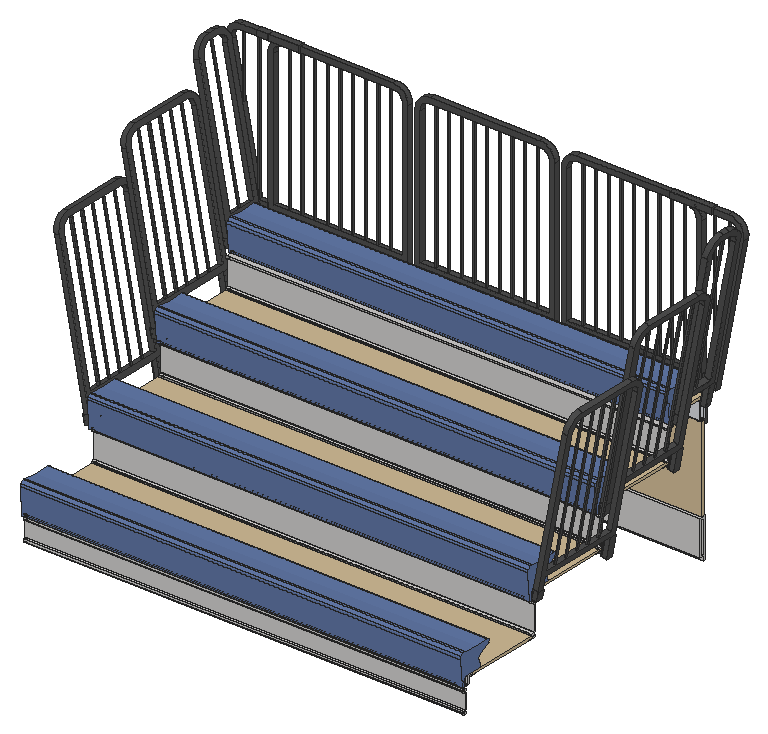
Revit family "Bleacher-Telescopic-Hussey-MAXAM-Portable", category Specialty Equipment, Revit 2024 (continued)
Definition of nested family "Bleacher-End_Rail-Hussey-Self_Storing"
  Dimensions and locks (in)
    "Baluster Height": plane 11 to plane 13
    equal spacing: group 1, group 3, group 4, group 5, group 2  (x3)
    locked: plane 3 "Front" to plane 17 at 0.125
    locked: plane 16 to plane 10 at 0.125
    locked: plane 18 to plane 5 at 0.125
    locked: plane 2 "Left" to plane 19 at 0.125
    locked: plane 9 to plane 20 at 0.125
    locked: plane 21 to plane 8 at 0.125
    locked: plane 1 to plane 22 at 0.125
    locked: plane 23 to plane 1 at 2.5
    locked: curve 1 to curve 1 at 12
    plane 3 "Front" to plane 24 to plane 25 = 0' - 0 3/32" locked, 0' - 0 1/8" locked
    plane 7 to plane 26 to plane 27 = 0' - 1 1/8" locked, 0' - 0 1/8" locked
    locked: curve 2 to curve 1 at 3
    locked: plane 28 to curve 1 at 2
    curve 3 to curve 2 to curve 4 = 0' - 1 1/2" locked, 0' - 0 3/32" locked
    locked: curve 5 to curve 5 at 12
    curve 7 to curve 6 to curve 8 = 0' - 1 1/2" locked, 0' - 0 3/32" locked
    locked: curve 5 to plane 29 at 2
    locked: curve 5 to curve 6 at 3
    locked: plane 1 to curve 1 (angle 79.00°)
    locked: curve 2 to curve 1 (angle 90.00°)
    locked: curve 5 to level (angle 79.00°)
    aligned and locked: plane 1 to level
    aligned and locked: Sweep 1 sketch curve to plane 3 "Front"
    aligned and locked: Sweep 1 sketch curve to plane 4 "Top"
    aligned and locked: Sweep 1 sketch curve to plane 9
    aligned and locked: plane 1 to Sweep 1 sketch curve  (x2)
    aligned and locked: plane 5 to Sweep 1 sketch curve
    aligned and locked: plane 10 to Sweep 1 sketch curve
    aligned and locked: plane 2 "Left" to Sweep 1 sketch curve
    aligned and locked: plane 3 "Front" to Sweep 1 sketch curve
    aligned and locked: plane 13 to Extrusion 2 sketch curve
    aligned and locked: plane 12 to Extrusion 2 sketch curve
    aligned and locked: plane 5 to Extrusion 2 sketch curve
    aligned and locked: plane 2 "Left" to Extrusion 2 sketch curve
    aligned and locked: plane 10 to Extrusion 2
    aligned and locked: Extrusion 2 to plane 8
    aligned and locked: plane 13 to nested 1
    aligned and locked: plane 14 "First Baluster" to nested 1
    aligned and locked: nested 1 to plane 6
    aligned and locked: plane 15 "Last Baluster" to nested 2
    aligned and locked: plane 13 to nested 2
    aligned and locked: plane 13 to nested 3
    aligned and locked: plane 15 "Last Baluster" to nested 3
    aligned and locked: nested 3 to plane 6
    aligned and locked: Extrusion 3 sketch curve to plane 18
    aligned and locked: Extrusion 3 sketch curve to plane 16
    aligned and locked: plane 19 to Extrusion 3 sketch curve
    aligned and locked: plane 17 to Extrusion 3 sketch curve
    aligned and locked: Extrusion 3 sketch curve to plane 2 "Left"
    aligned and locked: Extrusion 3 sketch curve to plane 5
    aligned and locked: Extrusion 3 sketch curve to plane 3 "Front"
    aligned and locked: Extrusion 3 sketch curve to plane 10
    aligned and locked: Extrusion 3 to plane 1
    aligned and locked: plane 23 to Extrusion 3
    aligned and locked: Extrusion 4 sketch curve to plane 18
    aligned and locked: plane 19 to Extrusion 4 sketch curve
    aligned and locked: Extrusion 4 sketch curve to plane 16
    aligned and locked: plane 17 to Extrusion 4 sketch curve
    aligned and locked: plane 1 to Extrusion 4
    aligned and locked: Extrusion 4 to plane 22
    aligned and locked: Extrusion 5 sketch curve to plane 20
    aligned and locked: plane 21 to Extrusion 5 sketch curve
    aligned and locked: plane 18 to Extrusion 5 sketch curve
    aligned and locked: plane 19 to Extrusion 5 sketch curve
    aligned and locked: Extrusion 5 to plane 22
    aligned and locked: plane 1 to Extrusion 5
    aligned and locked: Extrusion 6 sketch curve to plane 20
    aligned and locked: Extrusion 6 sketch curve to plane 9
    aligned and locked: Extrusion 6 sketch curve to plane 8
    aligned and locked: plane 21 to Extrusion 6 sketch curve
    aligned and locked: Extrusion 6 sketch curve to plane 5
    aligned and locked: Extrusion 6 sketch curve to plane 2 "Left"
    aligned and locked: plane 18 to Extrusion 6 sketch curve
    aligned and locked: plane 19 to Extrusion 6 sketch curve
    aligned and locked: Extrusion 6 to plane 1
    aligned and locked: plane 12 to Extrusion 6
    aligned and locked: plane 1 to curve 1
    aligned and locked: Extrusion 7 sketch curve to plane 19
    aligned and locked: plane 24 to Extrusion 7
    aligned and locked: Extrusion 7 to plane 25
    aligned and locked: Extrusion 7 sketch curve to curve 2
    aligned and locked: plane 28 to Extrusion 7 sketch curve
    aligned and locked: Extrusion 7 sketch curve to curve 3
    aligned and locked: plane 29 to Extrusion 8 sketch curve
    aligned and locked: Extrusion 8 sketch curve to curve 6
    aligned and locked: Extrusion 8 sketch curve to plane 18
    aligned and locked: Extrusion 8 sketch curve to curve 7
    aligned and locked: Extrusion 8 to plane 25
    aligned and locked: plane 24 to Extrusion 8
    aligned and locked: Extrusion 9 to plane 27
    aligned and locked: plane 26 to Extrusion 9
    aligned and locked: plane 19 to Extrusion 9 sketch curve
    aligned and locked: Extrusion 9 sketch curve to curve 2
    aligned and locked: Extrusion 9 sketch curve to curve 3
    aligned and locked: Extrusion 9 sketch curve to plane 28
    aligned and locked: Extrusion 10 to plane 27
    aligned and locked: plane 26 to Extrusion 10
    aligned and locked: Extrusion 10 sketch curve to plane 18
    aligned and locked: Extrusion 10 sketch curve to curve 7
    aligned and locked: plane 29 to Extrusion 10 sketch curve
    aligned and locked: Extrusion 10 sketch curve to curve 6
  Automatic sketch dimensions
    Sweep 1 sketch curve to plane 14 "First Baluster" = 0' - 1 1/8"
    plane 15 "Last Baluster" to Sweep 1 sketch curve = 0' - 1 1/8"
    curve 5 to level = 0' - 0"
    level to curve 2 = 0' - 1.04987"
    level to curve 4 = 0' - 1.14189"
    curve 3 to level = 0' - 0.04096"
    plane 18 to curve 7 = 0' - 0.02913"
    curve 7 to level = 0' - 0.04096"
    level to curve 8 = 0' - 1.14189"
  Nested families (in)
    nested 1: "Bleacher-End_Rail-Hussey-Baluster" at (-0.75, 5.5, 7.5), visible <- "Multiple Balusters", type "Bleacher-End_Rail-Hussey-Baluster"
      with Height 3' - 5 13/16"
    nested 2: "Bleacher-End_Rail-Hussey-Baluster" at (-0.75, 21, 7.5), visible <- "Multiple Balusters", type "Bleacher-End_Rail-Hussey-Baluster"
      with Height 3' - 5 13/16"
    nested 3: "Bleacher-End_Rail-Hussey-Baluster" at (-0.75, 21, 7.5), visible <- "Single Baluster", type "Bleacher-End_Rail-Hussey-Baluster"
      with Height 3' - 5 13/16"
    nested 4: "Bleacher-End_Rail-Hussey-Baluster" at (-0.75, 9.375, 7.5), visible <- "Multiple Balusters", type "Bleacher-End_Rail-Hussey-Baluster"
      with Height 3' - 5 13/16"
    nested 5: "Bleacher-End_Rail-Hussey-Baluster" at (-0.75, 13.25, 7.5), visible <- "Multiple Balusters", type "Bleacher-End_Rail-Hussey-Baluster"
      with Height 3' - 5 13/16"
    nested 6: "Bleacher-End_Rail-Hussey-Baluster" at (-0.75, 17.125, 7.5), visible <- "Multiple Balusters", type "Bleacher-End_Rail-Hussey-Baluster"
      with Height 3' - 5 13/16"
  Definition of nested family "Bleacher-End_Rail-Hussey-Baluster"
    Parameters
      URL = "http://www.husseyseating.com/"
      Model = ""
      Manufacturer = "Hussey Seating Company"  # constant formula
      Height = 3' - 3"
      Description = "Single Baluster for Bleacher End Rail"
      Default Elevation = 0' - 0"
      Created By = "Revitus"  # constant formula
      Creator URL = "http://www.revituspro.com/"
      Baluster Width = 0' - 0 3/8"
      Baluster Material = none
      Baluster Depth = 0' - 0 3/8"
      Assembly Code = ""
    Reference planes (in)
      plane 1: z = 0
      plane 2 "Center (Left/Right)": x = -120
      plane 3 "Center (Front/Back)": y = -12
      plane 4 "Top": z = 39
      plane 5 "Left": x = -120.1875
      plane 6 "Back": y = -11.8125
      plane 7 "Right": x = -119.8125
      plane 8 "Front": y = -12.1875
    Forms (in)
      Extrusion 1, solid, material <- "Baluster Material"
        sketch origin (0, 0, 0) x (1, 0, 0) y (0, 1, 0)
          loop
            line (-119.8125, -11.8125) -> (-120.1875, -11.8125) -> (-120.1875, -12.1875) -> (-119.8125, -12.1875) -> (-119.8125, -11.8125)
        from 0 to 39
    Dimensions and locks (in)
      "Height": plane 4 "Top" to level
      equal spacing: plane 5 "Left", plane 2 "Center (Left/Right)", plane 7 "Right"
      "Baluster Width": plane 5 "Left" to plane 7 "Right"
      equal spacing: plane 8 "Front", plane 3 "Center (Front/Back)", plane 6 "Back"
      "Baluster Depth": plane 8 "Front" to plane 6 "Back"
      aligned and locked: plane 1 to level
      aligned and locked: Extrusion 1 sketch curve to plane 6 "Back"
      aligned and locked: plane 7 "Right" to Extrusion 1 sketch curve
      aligned and locked: plane 8 "Front" to Extrusion 1 sketch curve
      aligned and locked: Extrusion 1 sketch curve to plane 5 "Left"
      aligned and locked: plane 4 "Top" to Extrusion 1
      aligned and locked: Extrusion 1 to level
Definition of nested family "Bleacher-Rear_Rail-Hussey"
  Parameters
    URL = "http://www.husseyseating.com/"
    Number of Balusters [instance] = (Width / 0' 4") - 1  # 8
    Model = ""
    Manufacturer = "Hussey Seating Company"  # constant formula
    Height = 4' - 8 9/16"
    End Rail Color = none
    Description = "Rear Rail"
    Width = 3' - 0"
    Default Elevation = 0' - 0"
    Created By = "Revitus"  # constant formula
    Creator URL = "http://www.revituspro.com/"
    Baluster Spacing [instance] = if(Width < 1' 0", (Width - 0' 0 1/2") / 2, 0' 4")  # 0' - 4"
    Baluster Height = Height - 1' 2 3/4"  # 3' - 5 13/16"
    Assembly Code = ""
  Reference planes (in)
    plane 1: z = 0
    plane 2 "Left": x = -120
    plane 3 "Front": y = -12
    plane 4 "Top": z = 56.5625
    plane 5: x = -121.5
    plane 6: x = -120.75
    plane 7: y = 22.5
    plane 8: y = 24
    plane 9: y = -10.5
    plane 10: z = 55.0625
    plane 11: z = 11.75
    plane 12: z = 13.25
    plane 13 "First Baluster": y = -6.5
    plane 14 "Last Baluster": y = 18.5
    plane 15: y = -10.375
    plane 16: y = -12.125
    plane 17: x = -121.625
    plane 18: x = -119.875
    plane 19: y = 24.125
    plane 20: y = 22.375
    plane 21: z = -0.125
    plane 22: z = 9.5
    plane 23 "Center (Front/Back)": y = 6
    plane 24 "Top Deck Height": z = 8.375
  Forms (in)
    Sweep 1, solid, material <- "End Rail Color"
      path origin (-120, 0, 0) x (0, 1, 0) y (0, 0, 1)
        loop
          line (24, 0) -> (24, 52.1875)
          arc (24, 52.1875) -> (22.71859, 55.28109) -> (19.625, 56.5625) r 4.375
          line (19.625, 56.5625) -> (-7.625, 56.5625)
          arc (-7.625, 56.5625) -> (-10.71859, 55.28109) -> (-12, 52.1875) r 4.375
          line (-12, 52.1875) -> (-12, 0)
      profile origin (-120, -12, 26.09375) x (1, 0, 0) y (0, 1, 0)
        loop
          line (-1.5, 0) -> (0, 0) -> (0, 1.5) -> (-1.5, 1.5) -> (-1.5, 0)
    Extrusion 2, solid, material <- "End Rail Color"
      sketch origin (0, -12, 0) x (-1, 0, 0) y (0, 0, 1)
        loop
          line (121.5, 13.25) -> (120, 13.25) -> (120, 11.75) -> (121.5, 11.75) -> (121.5, 13.25)
      from 1.5 to 34.5
    Extrusion 3, solid, detail levels medium+fine
      sketch origin (0, 0, 0) x (1, 0, 0) y (0, 1, 0)
        loop
          line (-121.625, -12.125) -> (-119.875, -12.125) -> (-119.875, -10.375) -> (-121.625, -10.375) -> (-121.625, -12.125)
        loop
          line (-120, -10.5) -> (-121.5, -10.5) -> (-121.5, -12) -> (-120, -12) -> (-120, -10.5)
      from 0 to 9.5
    Extrusion 4, solid, detail levels medium+fine
      sketch origin (0, 0, 0) x (1, 0, 0) y (0, 1, 0)
        loop
          line (-121.625, -12.125) -> (-119.875, -12.125) -> (-119.875, -10.375) -> (-121.625, -10.375) -> (-121.625, -12.125)
      from -0.125 to 0
    Extrusion 5, solid, detail levels medium+fine
      sketch origin (0, 0, 0) x (1, 0, 0) y (0, 1, 0)
        loop
          line (-121.625, 24.125) -> (-121.625, 22.375) -> (-119.875, 22.375) -> (-119.875, 24.125) -> (-121.625, 24.125)
      from -0.125 to 0
    Extrusion 6, solid, detail levels medium+fine
      sketch origin (0, 0, 0) x (1, 0, 0) y (0, 1, 0)
        loop
          line (-121.625, 24.125) -> (-121.625, 22.375) -> (-119.875, 22.375) -> (-119.875, 24.125) -> (-121.625, 24.125)
        loop
          line (-120, 24) -> (-121.5, 24) -> (-121.5, 22.5) -> (-120, 22.5) -> (-120, 24)
      from 0 to 9.5
  Cuts and joins
    joined: Sweep 1, Extrusion 2
    joined: Extrusion 3, Extrusion 4
    joined: Extrusion 5, Extrusion 6
  Dimensions and locks (in)
    "Height": plane 4 "Top" to level
    plane 2 "Left" to plane 6 to plane 5 = 0' - 0 3/4" locked, 0' - 0 3/4" locked
    "Width": plane 3 "Front" to plane 8
    locked: plane 3 "Front" to plane 9 at 1.5
    locked: plane 7 to plane 8 at 1.5
    locked: plane 4 "Top" to plane 10 at 1.5
    locked: plane 12 to plane 11 at 1.5
    "Baluster Spacing": plane 9 to plane 13 "First Baluster"
    "Baluster Spacing": plane 14 "Last Baluster" to plane 7
    "Baluster Height": plane 10 to plane 12
    equal spacing: group 1, group 3, group 4, group 5, group 6, group 7, group 8, group 2  (x3)
    locked: plane 3 "Front" to plane 16 at 0.125
    locked: plane 15 to plane 9 at 0.125
    locked: plane 17 to plane 5 at 0.125
    locked: plane 2 "Left" to plane 18 at 0.125
    locked: plane 8 to plane 19 at 0.125
    locked: plane 20 to plane 7 at 0.125
    locked: plane 1 to plane 21 at 0.125
    equal spacing: plane 3 "Front", plane 23 "Center (Front/Back)", plane 8
    locked: plane 11 to plane 22 at 2.25
    locked: plane 22 to plane 24 "Top Deck Height" at 1.125
    aligned and locked: plane 1 to level
    aligned and locked: Sweep 1 sketch curve to plane 3 "Front"
    aligned and locked: Sweep 1 sketch curve to plane 4 "Top"
    aligned and locked: Sweep 1 sketch curve to plane 8
    aligned and locked: plane 1 to Sweep 1 sketch curve  (x2)
    aligned and locked: plane 5 to Sweep 1 sketch curve
    aligned and locked: plane 9 to Sweep 1 sketch curve
    aligned and locked: plane 2 "Left" to Sweep 1 sketch curve
    aligned and locked: plane 3 "Front" to Sweep 1 sketch curve
    aligned and locked: plane 12 to Extrusion 2 sketch curve
    aligned and locked: plane 11 to Extrusion 2 sketch curve
    aligned and locked: plane 5 to Extrusion 2 sketch curve
    aligned and locked: plane 2 "Left" to Extrusion 2 sketch curve
    aligned and locked: plane 9 to Extrusion 2
    aligned and locked: Extrusion 2 to plane 7
    aligned and locked: plane 12 to nested 1
    aligned and locked: plane 13 "First Baluster" to nested 1
    aligned and locked: nested 1 to plane 6
    aligned and locked: plane 14 "Last Baluster" to nested 2
    aligned and locked: nested 2 to plane 12
    aligned and locked: Extrusion 3 sketch curve to plane 17
    aligned and locked: Extrusion 3 sketch curve to plane 15
    aligned and locked: plane 18 to Extrusion 3 sketch curve
    aligned and locked: plane 16 to Extrusion 3 sketch curve
    aligned and locked: Extrusion 3 sketch curve to plane 2 "Left"
    aligned and locked: Extrusion 3 sketch curve to plane 5
    aligned and locked: Extrusion 3 sketch curve to plane 3 "Front"
    aligned and locked: Extrusion 3 sketch curve to plane 9
    aligned and locked: Extrusion 3 to plane 1
    aligned and locked: plane 22 to Extrusion 3
    aligned and locked: Extrusion 4 sketch curve to plane 17
    aligned and locked: plane 18 to Extrusion 4 sketch curve
    aligned and locked: Extrusion 4 sketch curve to plane 15
    aligned and locked: plane 16 to Extrusion 4 sketch curve
    aligned and locked: plane 1 to Extrusion 4
    aligned and locked: Extrusion 4 to plane 21
    aligned and locked: Extrusion 5 sketch curve to plane 19
    aligned and locked: plane 20 to Extrusion 5 sketch curve
    aligned and locked: plane 17 to Extrusion 5 sketch curve
    aligned and locked: plane 18 to Extrusion 5 sketch curve
    aligned and locked: plane 21 to Extrusion 5
    aligned and locked: plane 1 to Extrusion 5
    aligned and locked: Extrusion 6 sketch curve to plane 19
    aligned and locked: Extrusion 6 sketch curve to plane 8
    aligned and locked: Extrusion 6 sketch curve to plane 7
    aligned and locked: plane 20 to Extrusion 6 sketch curve
    aligned and locked: plane 5 to Extrusion 6 sketch curve
    aligned and locked: Extrusion 6 sketch curve to plane 2 "Left"
    aligned and locked: plane 17 to Extrusion 6 sketch curve
    aligned and locked: plane 18 to Extrusion 6 sketch curve
    aligned and locked: Extrusion 6 to plane 1
    aligned and locked: plane 22 to cut or joined group of Extrusion 5, Extrusion 6
  Automatic sketch dimensions
    Sweep 1 sketch curve to plane 13 "First Baluster" = 0' - 1 1/8"
    plane 14 "Last Baluster" to Sweep 1 sketch curve = 0' - 1 1/8"
  Nested families (in)
    nested 1: "Bleacher-End_Rail-Hussey-Baluster" at (-0.75, 5.5, 13.25), type "Bleacher-End_Rail-Hussey-Baluster"
      with Height 3' - 5 13/16"
    nested 2: "Bleacher-End_Rail-Hussey-Baluster" at (-0.75, 30.5, 13.25), type "Bleacher-End_Rail-Hussey-Baluster"
      with Height 3' - 5 13/16"
    nested 3: "Bleacher-End_Rail-Hussey-Baluster" at (-0.75, 9.07143, 13.25), type "Bleacher-End_Rail-Hussey-Baluster"
      with Height 3' - 5 13/16"
    nested 4: "Bleacher-End_Rail-Hussey-Baluster" at (-0.75, 12.64286, 13.25), type "Bleacher-End_Rail-Hussey-Baluster"
      with Height 3' - 5 13/16"
    nested 5: "Bleacher-End_Rail-Hussey-Baluster" at (-0.75, 16.21429, 13.25), type "Bleacher-End_Rail-Hussey-Baluster"
      with Height 3' - 5 13/16"
    nested 6: "Bleacher-End_Rail-Hussey-Baluster" at (-0.75, 19.78571, 13.25), type "Bleacher-End_Rail-Hussey-Baluster"
      with Height 3' - 5 13/16"
    nested 7: "Bleacher-End_Rail-Hussey-Baluster" at (-0.75, 23.35714, 13.25), type "Bleacher-End_Rail-Hussey-Baluster"
      with Height 3' - 5 13/16"
    nested 8: "Bleacher-End_Rail-Hussey-Baluster" at (-0.75, 26.92857, 13.25), type "Bleacher-End_Rail-Hussey-Baluster"
      with Height 3' - 5 13/16"
  Definition of nested family "Bleacher-End_Rail-Hussey-Baluster"
    Parameters
      URL = "http://www.husseyseating.com/"
      Model = ""
      Manufacturer = "Hussey Seating Company"  # constant formula
      Height = 3' - 3"
      Description = "Single Baluster for Bleacher End Rail"
      Default Elevation = 0' - 0"
      Created By = "Revitus"  # constant formula
      Creator URL = "http://www.revituspro.com/"
      Baluster Width = 0' - 0 3/8"
      Baluster Material = none
      Baluster Depth = 0' - 0 3/8"
      Assembly Code = ""
    Reference planes (in)
      plane 1: z = 0
      plane 2 "Center (Left/Right)": x = -120
      plane 3 "Center (Front/Back)": y = -12
      plane 4 "Top": z = 39
      plane 5 "Left": x = -120.1875
      plane 6 "Back": y = -11.8125
      plane 7 "Right": x = -119.8125
      plane 8 "Front": y = -12.1875
    Forms (in)
      Extrusion 1, solid, material <- "Baluster Material"
        sketch origin (0, 0, 0) x (1, 0, 0) y (0, 1, 0)
          loop
            line (-119.8125, -11.8125) -> (-120.1875, -11.8125) -> (-120.1875, -12.1875) -> (-119.8125, -12.1875) -> (-119.8125, -11.8125)
        from 0 to 39
    Dimensions and locks (in)
      "Height": plane 4 "Top" to level
      equal spacing: plane 5 "Left", plane 2 "Center (Left/Right)", plane 7 "Right"
      "Baluster Width": plane 5 "Left" to plane 7 "Right"
      equal spacing: plane 8 "Front", plane 3 "Center (Front/Back)", plane 6 "Back"
      "Baluster Depth": plane 8 "Front" to plane 6 "Back"
      aligned and locked: plane 1 to level
      aligned and locked: Extrusion 1 sketch curve to plane 6 "Back"
      aligned and locked: plane 7 "Right" to Extrusion 1 sketch curve
      aligned and locked: plane 8 "Front" to Extrusion 1 sketch curve
      aligned and locked: Extrusion 1 sketch curve to plane 5 "Left"
      aligned and locked: plane 4 "Top" to Extrusion 1
      aligned and locked: Extrusion 1 to level
Definition of nested family "Bleacher-Rear_Rail_Filler-Hussey"
  Parameters
    URL = "http://www.husseyseating.com/"
    Model = ""
    Manufacturer = "Hussey Seating Company"  # constant formula
    Height = 4' - 8 9/16"
    End Rail Color = none
    Description = "Rear Rail Filler at End Rail"
    Default Elevation = 0' - 0"
    Created By = "Revitus"  # constant formula
    Creator URL = "http://www.revituspro.com/"
    Baluster Height = Height - 1' 2 3/4"  # 3' - 5 13/16"
    Assembly Code = ""
  Reference planes (in)
    plane 1: z = 0
    plane 2 "Left": x = -120
    plane 3 "Front": y = -12
    plane 4 "Top": z = 56.5625
    plane 5: x = -121.5
    plane 6 "Center (Left/Right)": x = -120.75
    plane 7: y = -10.5
    plane 8: z = 55.0625
    plane 9: z = 11.75
    plane 10: z = 13.25
    plane 11: y = -10.375
    plane 12: y = -12.125
    plane 13: x = -121.625
    plane 14: x = -119.875
    plane 15: z = -0.125
    plane 16: z = 9.5
    plane 17 "Top Deck Height": z = 8.375
    plane 18: y = -24.125
    plane 19: y = -15.125
    plane 20: x = -121.625
    plane 21: x = -119.875
    plane 22: z = 56.6875
    plane 23: y = -3
    plane 24: y = -19.5
  Forms (in)
    Sweep 1, solid, material <- "End Rail Color"
      path origin (-120, 0, 0) x (0, 1, 0) y (0, 0, 1)
        loop
          line (-16.03064, 10.12437) -> (-24.04462, 51.35271)
          arc (-24.04462, 51.35271) -> (-23.12586, 54.97034) -> (-19.75, 56.5625) r 4.375
          line (-19.75, 56.5625) -> (-12, 56.5625)
      profile origin (-120, -20.03763, 30.73854) x (0, -0.981627, -0.190809) y (1, 0, 0)
        loop
          line (-1.5, -1.5) -> (0, -1.5) -> (0, 0) -> (-1.5, 0) -> (-1.5, -1.5)
    Extrusion 2, solid, material <- "End Rail Color"
      sketch origin (0, -12, 0) x (-1, 0, 0) y (0, 0, 1)
        loop
          line (121.5, 13.25) -> (120, 13.25) -> (120, 11.75) -> (121.5, 11.75) -> (121.5, 13.25)
      from -3.125 to 0
    Extrusion 3, solid, material <- "End Rail Color"
      sketch origin (0, 5, 0) x (0, 0, 1) y (1, 0, 0)
        loop
          line (56.6875, -121.625) -> (56.6875, -119.875) -> (55.0625, -119.875) -> (55.0625, -120) -> (56.5625, -120) -> (56.5625, -121.5) -> (55.0625, -121.5) -> (55.0625, -121.625) -> (56.6875, -121.625)
      from -20.125 to -8
  Lines and regions (in)
    reference lines
      curve 1: line (-120.75, -10.5, 56.5625) -> (-120.75, -19.75, 56.5625)
      curve 2: line (-120.75, -16.03064, 10.12437) -> (-120.75, -24.04462, 51.35271)
      curve 3: arc (-120.75, -24.04462, 51.35271) -> (-120.75, -23.12586, 54.97034) -> (-120.75, -19.75, 56.5625) r 4.375
  Dimensions and locks (in)
    "Height": plane 4 "Top" to level
    plane 2 "Left" to plane 6 "Center (Left/Right)" to plane 5 = 0' - 0 3/4" locked, 0' - 0 3/4" locked
    locked: plane 3 "Front" to plane 7 at 1.5
    locked: plane 4 "Top" to plane 8 at 1.5
    locked: plane 10 to plane 9 at 1.5
    "Baluster Height": plane 8 to plane 10
    locked: plane 3 "Front" to plane 12 at 0.125
    locked: plane 11 to plane 7 at 0.125
    locked: plane 13 to plane 5 at 0.125
    locked: plane 2 "Left" to plane 14 at 0.125
    locked: plane 1 to plane 15 at 0.125
    locked: plane 9 to plane 16 at 2.25
    locked: plane 16 to plane 17 "Top Deck Height" at 1.125
    locked: plane 22 to plane 4 "Top" at 0.125
    locked: plane 21 to plane 2 "Left" at 0.125
    locked: plane 20 to plane 5 at 0.125
    plane 18 to plane 19 to plane 7 to plane 23 = 0' - 9" locked, 0' - 4 5/8" locked, 0' - 7 1/2" locked
    angle plane 18 to curve 2 = 11.00°
    aligned and locked: plane 1 to level
    aligned and locked: plane 10 to Extrusion 2 sketch curve
    aligned and locked: plane 9 to Extrusion 2 sketch curve
    aligned and locked: plane 5 to Extrusion 2 sketch curve
    aligned and locked: plane 2 "Left" to Extrusion 2 sketch curve
    aligned: plane 7 to Extrusion 2
    aligned and locked: nested 1 to plane 6 "Center (Left/Right)"
    aligned and locked: Sweep 1 sketch curve to curve 2
    aligned and locked: Sweep 1 sketch curve to curve 3
    aligned and locked: curve 1 to Sweep 1 sketch curve
    aligned and locked: plane 20 to Extrusion 3 sketch curve
    aligned and locked: plane 22 to Extrusion 3 sketch curve
    aligned and locked: Extrusion 3 sketch curve to plane 21
    aligned and locked: plane 2 "Left" to Extrusion 3 sketch curve
    aligned and locked: plane 5 to Extrusion 3 sketch curve
    aligned and locked: plane 4 "Top" to Extrusion 3 sketch curve
    aligned and locked: plane 8 to Extrusion 3 sketch curve  (x2)
    aligned and locked: Extrusion 3 to plane 19
    aligned and locked: plane 23 to Extrusion 3
    aligned and locked: plane 24 to nested 1
    aligned and locked: plane 19 to nested 2
    aligned and locked: plane 3 "Front" to Extrusion 2
  Automatic sketch dimensions
    Sweep 1 sketch curve to plane 2 "Left" = 0' - 0"
    Sweep 1 sketch curve to profile plane = 0' - 0"
    Sweep 1 sketch curve to Sweep 1 sketch curve = 0' - 1 1/2"
    Sweep 1 sketch curve to plane 2 "Left" = 0' - 1 1/2"
    plane 4 "Top" to curve 1 = 0' - 0"
    curve 1 to plane 7 = 0' - 0"
    curve 3 to plane 8 = 0' - 2 7/8"
    plane 18 to curve 3 = 0' - 0.08038"
    curve 3 to plane 8 = 0' - 3.70979"
    Sweep 1 sketch curve to plane 3 "Front" = 0' - 0"
    plane 18 to Sweep 1 sketch curve = 0' - 0.08038"
    plane 16 to Sweep 1 sketch curve = 0' - 0.62437"
  Nested families (in)
    nested 1: "Bleacher-End_Rail-Hussey-Baluster" at (-0.75, -7.5, 36.5625), type "Bleacher-Rear_Rail_Filler-Hussey-Baluster"
      with Height 1' - 6 1/2"
    nested 2: "Bleacher-End_Rail-Hussey-Baluster" at (-0.75, -3.125, 13.25), type "Bleacher-End_Rail-Hussey-Baluster"
      with Height 3' - 5 13/16"
  Definition of nested family "Bleacher-End_Rail-Hussey-Baluster"
    Parameters
      URL = "http://www.husseyseating.com/"
      Model = ""
      Manufacturer = "Hussey Seating Company"  # constant formula
      Height = 3' - 3"
      Description = "Single Baluster for Bleacher End Rail"
      Default Elevation = 0' - 0"
      Created By = "Revitus"  # constant formula
      Creator URL = "http://www.revituspro.com/"
      Baluster Width = 0' - 0 3/8"
      Baluster Material = none
      Baluster Depth = 0' - 0 3/8"
      Assembly Code = ""
    Reference planes (in)
      plane 1: z = 0
      plane 2 "Center (Left/Right)": x = -120
      plane 3 "Center (Front/Back)": y = -12
      plane 4 "Top": z = 39
      plane 5 "Left": x = -120.1875
      plane 6 "Back": y = -11.8125
      plane 7 "Right": x = -119.8125
      plane 8 "Front": y = -12.1875
    Forms (in)
      Extrusion 1, solid, material <- "Baluster Material"
        sketch origin (0, 0, 0) x (1, 0, 0) y (0, 1, 0)
          loop
            line (-119.8125, -11.8125) -> (-120.1875, -11.8125) -> (-120.1875, -12.1875) -> (-119.8125, -12.1875) -> (-119.8125, -11.8125)
        from 0 to 39
    Dimensions and locks (in)
      "Height": plane 4 "Top" to level
      equal spacing: plane 5 "Left", plane 2 "Center (Left/Right)", plane 7 "Right"
      "Baluster Width": plane 5 "Left" to plane 7 "Right"
      equal spacing: plane 8 "Front", plane 3 "Center (Front/Back)", plane 6 "Back"
      "Baluster Depth": plane 8 "Front" to plane 6 "Back"
      aligned and locked: plane 1 to level
      aligned and locked: Extrusion 1 sketch curve to plane 6 "Back"
      aligned and locked: plane 7 "Right" to Extrusion 1 sketch curve
      aligned and locked: plane 8 "Front" to Extrusion 1 sketch curve
      aligned and locked: Extrusion 1 sketch curve to plane 5 "Left"
      aligned and locked: plane 4 "Top" to Extrusion 1
      aligned and locked: Extrusion 1 to level
